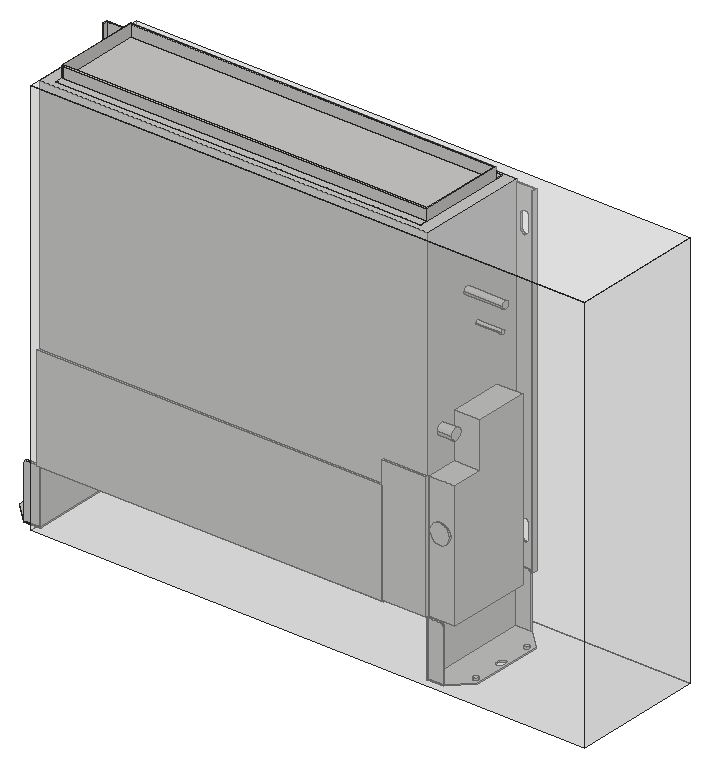
Revit family "outputfile", category 機械設備, Revit 2024
Family settings
  丸型コネクタ寸法 = 半径を使用
  パーツ タイプ = 標準
  OmniClass 番号 = 23.75.10.24.21.27.27
  OmniClass タイトル = Split System Air Conditioning Units
  作業面ベース = いいえ
  常に垂直 = はい
  ロード時にボイドで切り取り = いいえ
  注釈の向きを維持 = いいえ
  共有 = いいえ
  部屋計算ポイント = いいえ
Parameters (values of type "FXNQ25A2VEB")
  Description = ""
  製造元 = "Daikin"
  書き出し IFC クラス(タイプ) = "IfcUnitaryEquipmentType"
  定義済み IFC タイプ(タイプ) = "AIRCONDITIONINGUNIT"
  Cost = 0
  モデル = "FXNQ25A2VEB"
  Type Comments = ""
  Keynote = ""
  Type Image = (empty or 0)
  Assembly Code = ""
  w_hangerfixture = 0.0 mm
  w_dischargeflange = 662.0 mm
  r_Liquid Pipe Size = Liquid Pipe Size / 2  # 3.2 mm
  r_Gas Pipe Size = Gas Pipe Size / 2  # 6.35 mm
  w_mounting foot = 830.0 mm
  r_Drain Pipe Size = Drain Pipe Size / 2  # 10.0 mm
  h_mountinghole = [h***] + 1.6 mm  # 1.6 mm
  lh_liquidpipe = 193.0 mm
  lh_gaspipe = 130.0 mm
  lh_drainpipe = 330.0 mm
  lh_antena = 725.8 mm  # constant formula
  ld_liquidpipe = 90.0 mm
  ld_gaspipe = 114.0 mm
  ld_drainpipe = 171.0 mm
  h*** = 0.0 mm  # constant formula
  w_front suction = 601.0 mm
  d_pipe_2 = 27.3 mm  # constant formula
  d_pipe_1 = 47.6 mm  # constant formula
  d_pipe = 71.2 mm  # constant formula
  Width = 704.8 mm
  Voltage_comment_60Hz = "220"
  Voltage_comment_50Hz = "220-240"
  Voltage_60Hz = 220 V
  Voltage_50Hz = 220 V
  Version = "ver.1.0"
  Unit Type = "Concealed Floor Standing Type"
  Unit Mass Weight = 23.50 kg
  Unit Designation [instance] = ""
  Uniclass2015Version = "Products v1.30"
  Uniclass2015Title = "Variable refrigerant flow units"
  Uniclass2015Code = "Pr_70_65_03_94"
  URL = ""
  Total Heating Capacity [instance] = 0.000 kW
  Total Cooling Capacity [instance] = 0.000 kW
  Sound Pressure Level_M speed (dBA) = 0
  Sound Pressure Level_L speed (dBA) = 27
  Sound Pressure Level_H speed (dBA) = 30
  Series = "VRV Fan Coil Unit"
  Sensible Cooling Capacity [instance] = 0.000 kW
  SA Duct Size Width = 660.0 mm
  SA Duct Size Height = 154.0 mm
  Refrigerant Type = "R410A"
  Power Input (Heating) = 0.068 kW
  Power Input (Cooling) = 0.071 kW
  Phase_60Hz = 1
  Phase_50Hz = 1
  Option Accessory 3 [instance] = ""
  Option Accessory 2 [instance] = ""
  Option Accessory 1 [instance] = ""
  Nominal Heating Capacity = 3.200 kW
  Nominal Cooling Capacity = 2.800 kW
  Minimum External Static Pressure = 0.00 Pa
  Minimum Circuit Amps_60Hz = 0.4 A
  Minimum Circuit Amps_50Hz = 0.4 A
  Minimum Airflow = 384.00 m³/h
  Median Airflow = 432.00 m³/h
  Maximum Fuse Amps_60Hz = 16.0 A
  Maximum Fuse Amps_50Hz = 16.0 A
  Maximum External Static Pressure = 41.00 Pa
  Maximum Airflow = 480.00 m³/h
  Material_Casing = DAIKIN_GalvanizedSteel_Casing_indoorunit
  Load Classification = HVAC
  Liquid Pipe Size = 6.4 mm
  Link_Nested Family [instance] = ""
  IfcVersion = "0"
  IfcExportType = "AIRCONDITIONINGUNIT"
  IfcExportAs = "IfcUnitaryEquipmentType"
  Height = 623.4 mm
  Heating Entering Wet Bulb Temperature [instance] = 0.00 °C
  Heating Entering Dry Bulb Temperature [instance] = 0.00 °C
  Heating Ambient Wet Bulb Temperature [instance] = 0.00 °C
  Heating Ambient Dry Bulb Temperature [instance] = 0.00 °C
  Heat Exchanger Type = "Cross Fin Coil"
  Gas Pipe Size = 12.7 mm
  Frequency_60Hz = 60 Hz
  Frequency_50Hz = 50 Hz
  Fan Type = "Sirocco Fan"
  Fan Drive = "Direct Drive"
  FCU Tag No. [instance] = ""
  Drain Pipe Size = 20.0 mm
  Design Supply Airflow [instance] = 0.00 m³/h
  Design External Static Pressure [instance] = 0.00 Pa
  Depth = 200.0 mm
  既定の高さ = 0.0 mm
  Cooling Entering Wet Bulb Temperature [instance] = 0.00 °C
  Cooling Entering Dry Bulb Temperature [instance] = 0.00 °C
  Cooling Ambient Wet Bulb Temperature [instance] = 0.00 °C
  Cooling Ambient Dry Bulb Temperature [instance] = 0.00 °C
  Clearance visibility [instance] = yes
  Clearance Top = 0.0 mm
  Clearance Right = 300.0 mm
  Clearance Rear = 20.0 mm
  Clearance Left = 0.0 mm
  Clearance Front = 20.0 mm
  Clearance Bottom = 100.0 mm
Reference planes
  plane 1 "Back": y = 0
  plane 2: z = 0
  plane 3 "Center (Left/Right)": x = 0
  plane 4 "Center (Front/Back)": y = -100
  plane 5 "Front": y = -200
  plane 6 "Left": x = -352.4
  plane 7 "Right": x = 352.4
  plane 8 "Top": z = 726.4
  plane 9: z = 103
  plane 10 "lh_liquidpipe": z = 533.4
  plane 11 "ld_liquidpipe": y = -90
  plane 12 "ld_gaspipe": y = -114
  plane 13 "lh_gaspipe": z = 596.4
  plane 14 "lh_drainpipe": z = 396.4
  plane 15 "ld_drainpipe": y = -171
  plane 16: x = 400
  plane 17: x = 423.6
  plane 18: x = -340
  plane 19: x = 261
  plane 20: z = 111.4
  plane 21: z = 290.8
  plane 22 "lw_powersupply": x = 376.2
  plane 23 "ld_powersupply": y = -150
  plane 24: y = -10
  plane 25: y = -190
  plane 26: x = 415
  plane 27: x = -415
  plane 28: x = 379.7
  plane 29: x = -390
  plane 30: x = 390
  plane 31: z = 723
  plane 32: z = 747.6
  plane 33: z = 726.4
  plane 34: z = 3
  plane 35: x = -352.4
  plane 36: x = 652.4
  plane 37: y = -220
  plane 38: y = 20
  plane 39: x = -405
  plane 40: x = 405
  plane 41: y = -97.5
  plane 42 "Bottom": z = 0
Forms (mm)
  Extrusion 1, solid, material "DAIKIN_GalvanizedSteel_Casing_indoorunit" <- "Material_Casing"
    sketch origin (0, 0, 0) x (1, 0, 0) y (0, 1, 0)
      loop
        line (-352.4, 0) -> (-352.4, -200) -> (352.4, -200) -> (352.4, 0) -> (-352.4, 0)
    from 103 to 726.4
  Extrusion 2, solid, material "DAIKIN_GalvanizedSteel_Casing_indoorunit" <- "Material_Casing"
    sketch origin (352.4, 0, 0) x (0, -1, 0) y (0, 0, -1)
      loop
        circle (90, -533.4) r 3.2
    from 0 to 47.6
  Extrusion 3, solid, material "DAIKIN_GalvanizedSteel_Casing_indoorunit" <- "Material_Casing"
    sketch origin (352.4, 0, 0) x (0, -1, 0) y (0, 0, -1)
      loop
        circle (114, -596.4) r 6.35
    from 0 to 71.2
  Extrusion 4, solid, material "DAIKIN_GalvanizedSteel_Casing_indoorunit" <- "Material_Casing"
    sketch origin (0, -200, 0) x (-1, 0, 0) y (0, 0, 1)
      loop
        line (352.4, 290.8) -> (-271.8, 290.8) -> (-271.8, 103) -> (352.4, 103) -> (352.4, 290.8)
    from 0 to -5
  Extrusion 5, solid, material "DAIKIN_GalvanizedSteel_Casing_indoorunit" <- "Material_Casing"
    sketch origin (352.4, 0, 0) x (0, 1, 0) y (0, 0, 1)
      loop
        line (-198.4, 103.6) -> (-46, 103.6) -> (-46, 413.6) -> (-142.2, 413.6) -> (-142.2, 331.6) -> (-198.4, 331.6) -> (-198.4, 103.6)
    from 0 to 47.6
  Extrusion 6, solid, material "DAIKIN_GalvanizedSteel_Casing_indoorunit" <- "Material_Casing"
    sketch origin (0, 0, 103) x (-1, 0, 0) y (0, -1, 0)
      loop
        line (352.4, 0) -> (352.4, 200) -> (-271.8, 200) -> (-271.8, 0) -> (352.4, 0)
    from 0 to -5
  Extrusion 7, solid, material "DAIKIN_GalvanizedSteel_Casing_indoorunit" <- "Material_Casing"
    sketch origin (352.4, 0, 0) x (0, 1, 0) y (0, 0, 1)
      loop
        circle (-171, 396.4) r 10
    from 0 to 27.3
  Extrusion 8, solid, material "DAIKIN_GalvanizedSteel_Casing_indoorunit" <- "Material_Casing"
    sketch origin (0, 0, 103) x (-1, 0, 0) y (0, -1, 0)
      loop
        line (352.4, 0) -> (390, 0) -> (390, 10) -> (387.7, 10) -> (387.7, 2.3) -> (352.4, 2.3) -> (352.4, 0)
    from 0 to 620
  Extrusion 9, solid, material "DAIKIN_GalvanizedSteel_Casing_indoorunit" <- "Material_Casing"
    sketch origin (0, 0, 103) x (1, 0, 0) y (0, 1, 0)
      loop
        line (352.4, 0) -> (352.4, -2.3) -> (387.7, -2.3) -> (387.7, -10) -> (390, -10) -> (390, 0) -> (352.4, 0)
    from 0 to 620
  Extrusion 10, void
    sketch origin (-352.4, -2.3, 103) x (1, 0, 0) y (0, 0, -1)
      loop
        line (-24.6, -547) -> (-24.6, -573)
        arc (-24.6, -573) -> (-17.6, -580) -> (-10.6, -573) r 7
        line (-10.6, -573) -> (-10.6, -547)
        arc (-10.6, -547) -> (-17.6, -540) -> (-24.6, -547) r 7
      loop
        arc (729.4, -547) -> (722.4, -540) -> (715.4, -547) r 7
        line (715.4, -547) -> (715.4, -573)
        arc (715.4, -573) -> (722.4, -580) -> (729.4, -573) r 7
        line (729.4, -573) -> (729.4, -547)
      loop
        line (-24.6, -47) -> (-24.6, -73)
        arc (-24.6, -73) -> (-17.6, -80) -> (-10.6, -73) r 7
        line (-10.6, -73) -> (-10.6, -47)
        arc (-10.6, -47) -> (-17.6, -40) -> (-24.6, -47) r 7
      loop
        arc (729.4, -47) -> (722.4, -40) -> (715.4, -47) r 7
        line (715.4, -47) -> (715.4, -73)
        arc (715.4, -73) -> (722.4, -80) -> (729.4, -73) r 7
        line (729.4, -73) -> (729.4, -47)
    from 0 to 250
  Extrusion 11, solid, material "DAIKIN_GalvanizedSteel_Casing_indoorunit" <- "Material_Casing"
    sketch origin (352.4, -200, 0) x (-1, 0, 0) y (0, 0, -1)
      loop
        line (80.6, -331.6) -> (80.6, -104.6) -> (0, -104.6) -> (0, -331.6) -> (80.6, -331.6)
    from 0 to 5
  Extrusion 12, solid, material "DAIKIN_GalvanizedSteel_Casing_indoorunit" <- "Material_Casing"
    sketch origin (352.4, -198.4, 331.6) x (0, 0, -1) y (1, 0, 0)
      loop
        circle (86.6, 21.8) r 17.5
    from 0 to 2.6
Cuts and joins
  Extrusion 10 cuts Extrusion 8
  Extrusion 10 cuts Extrusion 9
Dimensions and locks
  "Height": plane 8 "Top" to plane 9
  "Depth": plane 1 "Back" to plane 5 "Front"
  equal spacing: plane 5 "Front", plane 4 "Center (Front/Back)", plane 1 "Back"
  "Width": plane 6 "Left" to plane 7 "Right"
  equal spacing: plane 6 "Left", plane 3 "Center (Left/Right)", plane 7 "Right"
  "ld_liquidpipe": plane 11 "ld_liquidpipe" to plane 1 "Back"
  "lh_liquidpipe": plane 8 "Top" to plane 10 "lh_liquidpipe"
  "ld_gaspipe": plane 12 "ld_gaspipe" to plane 1 "Back"
  "lh_gaspipe": plane 8 "Top" to plane 13 "lh_gaspipe"
  "lh_drainpipe": plane 8 "Top" to plane 14 "lh_drainpipe"
  "ld_drainpipe": plane 15 "ld_drainpipe" to plane 1 "Back"
  "d_pipe_1": plane 16 to plane 7 "Right"
  "d_pipe": plane 17 to plane 7 "Right"
  plane 21 to plane 20 to plane 9 = 179.4 mm locked, 8.4 mm locked
  locked: plane 18 to plane 29 at 50
  "w_front suction": plane 19 to plane 18
  locked: Extrusion 5 sketch curve to Extrusion 5 sketch curve at 96.2
  locked: Extrusion 5 sketch curve to Extrusion 5 sketch curve at 310
  locked: Extrusion 5 sketch curve to Extrusion 5 sketch curve at 152.4
  locked: Extrusion 5 sketch curve to Extrusion 5 sketch curve at 228
  locked: Extrusion 5 sketch curve to plane 9 at 0.6
  locked: plane 7 "Right" to plane 22 "lw_powersupply" at 23.8
  locked: plane 23 "ld_powersupply" to plane 5 "Front" at 50
  locked: plane 24 to plane 1 "Back" at 10
  locked: plane 25 to plane 5 "Front" at 10
  equal spacing: plane 26, plane 3 "Center (Left/Right)", plane 27
  "w_mounting foot": plane 26 to plane 27
  locked: Extrusion 5 sketch curve to plane 1 "Back" at 46
  "d_pipe_2": plane 28 to plane 7 "Right"
  locked: plane 30 to plane 7 "Right" at 37.6
  locked: plane 6 "Left" to plane 29 at 37.6
  locked: Extrusion 10 sketch curve to Extrusion 10 sketch curve at 14  (x6)
  locked: Extrusion 10 sketch curve to Extrusion 10 sketch curve at 26  (x6)
  locked: plane 8 "Top" to plane 31 at 3.4
  locked: cut or joined group of Extrusion 8, Extrusion 10 to Extrusion 10 sketch curve at 17.6
  locked: cut or joined group of Extrusion 8, Extrusion 10 to Extrusion 10 sketch curve at 47
  locked: Extrusion 9 to Extrusion 10 sketch curve at 47
  locked: Extrusion 10 sketch curve to Extrusion 1 at 17.6  (x3)
  locked: Extrusion 10 sketch curve to Extrusion 10 sketch curve at 474  (x2)
  locked: plane 32 to plane 8 "Top" at 21.2
  "Clearance Right": plane 36 to plane 7 "Right"
  "Clearance Left": plane 6 "Left" to plane 35
  "Clearance Bottom": plane 9 to plane 34
  "Clearance Top": plane 33 to plane 8 "Top"
  "Clearance Front": plane 5 "Front" to plane 37
  "Clearance Rear": plane 1 "Back" to plane 38
  locked: plane 27 to plane 39 at 10
  locked: plane 40 to plane 26 at 10
  locked: plane 41 to plane 4 "Center (Front/Back)" at 2.5
  "h***": plane 42 "Bottom" to plane 2
  locked: plane 9 to plane 42 "Bottom" at 103
  locked: Extrusion 11 sketch curve to Extrusion 11 sketch curve at 227
  locked: Extrusion 11 sketch curve to Extrusion 11 sketch curve at 80.6
  locked: Extrusion 11 sketch curve to plane 9 at 1.6
  locked: Extrusion 12 sketch curve to plane 9 at 142
  locked: Extrusion 12 sketch curve to plane 7 "Right" at 21.8
  "Liquid Pipe Size": diameter of Extrusion 2 sketch curve
  "Gas Pipe Size": diameter of Extrusion 3 sketch curve
  "Drain Pipe Size": diameter of Extrusion 7 sketch curve
  aligned and locked: level to plane 2
  aligned and locked: plane 1 "Back" to Extrusion 1 sketch curve
  aligned and locked: plane 6 "Left" to Extrusion 1 sketch curve
  aligned and locked: plane 5 "Front" to Extrusion 1 sketch curve
  aligned and locked: Extrusion 1 sketch curve to plane 7 "Right"
  aligned and locked: plane 8 "Top" to Extrusion 1
  aligned and locked: Extrusion 1 to plane 9
  aligned and locked: plane 9 to nested 1
  aligned and locked: nested 1 to plane 4 "Center (Front/Back)"
  aligned and locked: plane 4 "Center (Front/Back)" to nested 2
  aligned and locked: nested 2 to plane 9
  aligned and locked: plane 11 "ld_liquidpipe" to Extrusion 2 sketch curve
  aligned and locked: plane 10 "lh_liquidpipe" to Extrusion 2 sketch curve
  aligned and locked: plane 16 to Extrusion 2
  aligned and locked: plane 13 "lh_gaspipe" to Extrusion 3 sketch curve
  aligned and locked: plane 12 "ld_gaspipe" to Extrusion 3 sketch curve
  aligned and locked: plane 17 to Extrusion 3
  aligned and locked: plane 21 to Extrusion 4 sketch curve
  aligned and locked: plane 5 "Front" to Extrusion 4
  aligned and locked: plane 22 "lw_powersupply" to nested 3
  aligned and locked: plane 23 "ld_powersupply" to nested 3
  aligned and locked: plane 9 to Extrusion 6
  aligned and locked: nested 1 to plane 26
  aligned and locked: nested 2 to plane 27
  aligned and locked: plane 16 to Extrusion 5
  aligned and locked: Extrusion 5 to nested 3
  aligned and locked: plane 14 "lh_drainpipe" to Extrusion 7 sketch curve
  aligned and locked: plane 15 "ld_drainpipe" to Extrusion 7 sketch curve
  aligned and locked: plane 28 to Extrusion 7
  aligned and locked: nested 4 to plane 12 "ld_gaspipe"
  aligned and locked: nested 4 to Extrusion 3
  aligned and locked: nested 5 to Extrusion 2
  aligned and locked: Extrusion 7 to plane 7 "Right"
  aligned and locked: nested 4 to plane 13 "lh_gaspipe"
  aligned and locked: nested 5 to plane 10 "lh_liquidpipe"
  aligned and locked: nested 6 to plane 15 "ld_drainpipe"
  aligned and locked: plane 28 to nested 6
  aligned and locked: nested 6 to plane 14 "lh_drainpipe"
  aligned and locked: Extrusion 8 to plane 9
  aligned and locked: plane 30 to Extrusion 9
  aligned and locked: Extrusion 9 to plane 7 "Right"
  aligned and locked: Extrusion 8 to plane 29
  aligned and locked: Extrusion 9 to plane 9
  aligned and locked: plane 31 to cut or joined group of Extrusion 8, Extrusion 10
  aligned and locked: plane 31 to Extrusion 9
  aligned and locked: plane 8 "Top" to nested 7
  aligned and locked: nested 7 to plane 32
  aligned and locked: plane 3 "Center (Left/Right)" to nested 7
  aligned and locked: nested 8 to plane 38
  aligned and locked: nested 8 to plane 37
  aligned and locked: plane 33 to nested 8
  aligned and locked: plane 34 to nested 8
  aligned and locked: plane 35 to nested 8
  aligned and locked: plane 36 to nested 8
  aligned and locked: nested 9 to plane 4 "Center (Front/Back)"
  aligned and locked: plane 40 to nested 9
  aligned and locked: nested 10 to plane 4 "Center (Front/Back)"
  aligned and locked: plane 39 to nested 10
  aligned and locked: plane 41 to nested 7
  aligned and locked: Extrusion 11 sketch curve to plane 7 "Right"
  aligned and locked: plane 6 "Left" to Extrusion 4 sketch curve
  aligned and locked: plane 9 to Extrusion 4 sketch curve
  aligned and locked: Extrusion 11 to Extrusion 4 sketch curve
  aligned and locked: plane 1 "Back" to Extrusion 6 sketch curve
  aligned and locked: plane 5 "Front" to Extrusion 6 sketch curve
  aligned and locked: Extrusion 6 to plane 6 "Left"
  aligned and locked: Extrusion 6 to Extrusion 11
Automatic sketch dimensions
  Extrusion 1 sketch curve to plane 5 "Front" = 0.0 mm
  plane 1 "Back" to Extrusion 8 sketch curve = 0.0 mm
  Extrusion 8 sketch curve to plane 6 "Left" = 0.0 mm
  plane 24 to Extrusion 8 sketch curve = 0.0 mm
  Extrusion 8 sketch curve to plane 29 = 0.0 mm
  plane 29 to Extrusion 8 sketch curve = 2.3 mm
  plane 1 "Back" to Extrusion 8 sketch curve = 2.3 mm
  plane 1 "Back" to Extrusion 9 sketch curve = 0.0 mm
  Extrusion 9 sketch curve to plane 7 "Right" = 0.0 mm
  plane 24 to Extrusion 9 sketch curve = 0.0 mm
  Extrusion 9 sketch curve to plane 30 = 0.0 mm
  Extrusion 9 sketch curve to plane 30 = 2.3 mm
  plane 1 "Back" to Extrusion 9 sketch curve = 2.3 mm
  plane 27 to Extrusion 6 sketch curve = 62.6 mm
  Extrusion 6 sketch curve to plane 36 = 380.6 mm
  radius of Extrusion 12 sketch curve = 17.5 mm
Nested families
  nested 1: "daikin_hangerfixture_FXNQ-A2VEB" at (415, -100, 103) x (0, -1, 0) z (0, 0, 1), type "daikin_hangerfixture_FXNQ-A2VEB"
  nested 2: "daikin_hangerfixture_FXNQ-A2VEB" at (-415, -100, 103) x (0, -1, 0) z (0, 0, 1), type "daikin_hangerfixture_FXNQ-A2VEB"
  nested 3: "daikin_connector_rotate2" at (376.2, -150, 153.6) x (1, 0, 0) z (0, -1, 0), type "daikin_connector_rotate2"
    with radius 10.0 mm, length 50.0 mm, angle_vertical 90.00°, show_face no
  nested 4: "daikin_connector_rotate2" at (352.45, -114, 596.4) x (0, 1, 0) z (0, 0, 1), radius <- "r_Gas Pipe Size", type "daikin_connector_rotate2"
    with radius 6.35 mm, length 71.15 mm, angle_vertical 90.00°, show_face no
  nested 5: "daikin_connector_rotate2" at (352.4, -90, 533.4) x (0, 1, 0) z (0, 0, 1), radius <- "r_Liquid Pipe Size", type "daikin_connector_rotate2"
    with radius 3.2 mm, length 47.6 mm, angle_vertical 90.00°, show_face no
  nested 6: "daikin_connector_rotate2" at (352.4, -171, 396.4) x (0, 1, 0) z (0, 0, 1), radius <- "r_Drain Pipe Size", type "daikin_connector_rotate2"
    with radius 10.0 mm, length 27.3 mm, angle_vertical 90.00°, show_face no
  nested 7: "daikin_ductflange_FXNQ-A2VEB" at (0, -189, 726.4) x (1, 0, 0) z (0, 1, 0), width <- "w_dischargeflange", material <- "Material_Casing", type "daikin_ductflange_FXNQ-A2VEB"
    with width 662.0 mm, material DAIKIN_GalvanizedSteel_Casing_indoorunit, height 183.0 mm, depth 21.2 mm
  nested 8: "daikin_clearancespace" at (150, -100, 364.819), visible <- "Clearance visibility", show <- "Clearance visibility", Link_Nested Family <- "Link_Nested Family", type "daikin_clearancespace"
    with width 1004.8 mm, show yes, height 723.4 mm, depth 240.0 mm, Link_Nested Family ""
  nested 9: "daikin_mountinghole" at (405, -100, 0), Link_Nested Family <- "Link_Nested Family", h_mountinghole <- "h_mountinghole", l_antenna <- "lh_antena", type "daikin_mountinghole"
    with show yes, l_antenna 725.8 mm, h_mountinghole 1.6 mm, Link_Nested Family ""
  nested 10: "daikin_mountinghole" at (-405, -100, 0), Link_Nested Family <- "Link_Nested Family", h_mountinghole <- "h_mountinghole", l_antenna <- "lh_antena", type "daikin_mountinghole"
    with show yes, l_antenna 725.8 mm, h_mountinghole 1.6 mm, Link_Nested Family ""
Connectors
  electrical at (376.2, -150, 103.6), driven by "Load Classification"
    settings: on nested 3, index 4, voltage 0 V, apparent load 0 VA, apparent load phase1 0 VA, apparent load phase2 0 VA, apparent load phase3 0 VA, power factor 1, load classification "HVAC", number of poles 1, system type 30, power factor state 1, is connector primary yes, connector utility no, sub classification motor no, connector description "Power Supply"
  piping at (423.6, -114, 596.4), diameter 12.7, driven by "r_Gas Pipe Size"
    settings: on nested 4, index 6, connector inside diameter 609.6 mm, connector length 0.0 mm, flow factor 0, pipe flow 0.00 m³/h, pressure drop 0.0 Pa, fitting loss kfactor 0, connector angle 0.00°, fixture units 0, engagement length 0.0 mm, angle of deflection 0.00°, flow configuration 1, flow direction 2, fitting loss method 0, system type 29, joint type 0, gender type 0, connector reference index -1, connector utility 0, adjustable connector no, is connector primary yes, connector description "Refrigerant Gas Piping"
  piping at (400, -90, 533.4), diameter 6.4, driven by "r_Liquid Pipe Size"
    settings: on nested 5, index 7, connector inside diameter 609.6 mm, connector length 0.0 mm, flow factor 0, pipe flow 0.00 m³/h, pressure drop 0.0 Pa, fitting loss kfactor 0, connector angle 0.00°, fixture units 0, engagement length 0.0 mm, angle of deflection 0.00°, flow configuration 1, flow direction 1, fitting loss method 0, system type 29, joint type 0, gender type 0, connector reference index -1, connector utility 0, adjustable connector no, is connector primary no, connector description "Refrigerant Liquid Piping"
  piping at (379.7, -171, 396.4), diameter 20, driven by "r_Drain Pipe Size"
    settings: on nested 6, index 8, connector inside diameter 609.6 mm, connector length 0.0 mm, flow factor 0, pipe flow 0.00 m³/h, pressure drop 0.0 Pa, fitting loss kfactor 0, connector angle 0.00°, fixture units 0, engagement length 0.0 mm, angle of deflection 0.00°, flow configuration 1, flow direction 2, fitting loss method 4, system type 16, joint type 0, gender type 0, connector reference index -1, connector utility 0, adjustable connector no, is connector primary no, connector description "Condensate Drain Piping"
  hvac at (0, -97.5, 747.6), driven by "SA Duct Size Width", driven by "SA Duct Size Height"
    settings: on nested 7, index 9, duct flow 0.00 m³/h, flow factor 0, pres drop 0.00 Pa, loss coef 0, conn angle 0.00°, conn width 660.0 mm, conn height 154.0 mm, conn diameter 609.6 mm, duct sys type 1, conn prof type 1, flow config 0, flow direction 2, loss method 4, conn ref index -1, conn util no, is conn primary yes, conn desc "SA Duct"
Definition of nested family "daikin_hangerfixture_FXNQ-A2VEB"
  Parameters (values of type "daikin_hangerfixture_FXNQ-A2VEB")
    width = 200.0 mm
    material = none
    height = 103.0 mm
    depth = 84.2 mm
    Default Elevation = 0.0 mm
  Reference planes
    plane 1 "Center (Front/Back)": y = 0
    plane 2: z = 0
    plane 3 "Center (Left/Right)": x = 0
    plane 4: y = -84.2
    plane 5: x = -100
    plane 6: x = 100
    plane 7: z = -103
    plane 8: x = 98.4
    plane 9: x = -98.4
  Forms (mm)
    Extrusion 1, solid, material <- "material"
      sketch origin (0, 0, 0) x (0, 1, 0) y (0, 0, 1)
        loop
          line (-84.2, 0) -> (-84.2, -1.6) -> (-65.2, -1.6) -> (-65.2, -101.4)
          arc (-65.2, -101.4) -> (-64.731, -102.531) -> (-63.6, -103) r 1.6
          line (-63.6, -103) -> (0, -103) -> (0, -101.4) -> (-63.6, -101.4) -> (-63.6, 0) -> (-84.2, 0)
      from -100 to 100
    Extrusion 2, void
      sketch origin (0, 0, -101.4) x (1, 0, 0) y (0, -1, 0)
        loop
          line (-100, 0) -> (-66, 0) -> (-100, 34) -> (-100, 0)
        loop
          line (100, 0) -> (100, 34) -> (66, 0) -> (100, 0)
        loop
          line (-3, 4) -> (3, 4)
          arc (3, 4) -> (9, 10) -> (3, 16) r 6
          line (3, 16) -> (-3, 16)
          arc (-3, 16) -> (-9, 10) -> (-3, 4) r 6
      from 0 to 1.6
    Extrusion 3, solid, material <- "material"
      sketch origin (0, 0, 0) x (0, 1, 0) y (0, 0, 1)
        loop
          line (-63.6, -1.8) -> (-63.6, -101.4) -> (-35, -101.4) -> (-35, -6.8)
          arc (-35, -6.8) -> (-36.464, -3.264) -> (-40, -1.8) r 5
          line (-40, -1.8) -> (-63.6, -1.8)
      from 98.4 to 100
    Extrusion 4, solid, material <- "material"
      sketch origin (-265, -1.4, 0) x (0, 1, 0) y (0, 0, 1)
        loop
          line (-62.2, -1.8) -> (-62.2, -101.4) -> (-33.6, -101.4) -> (-33.6, -7.36)
          arc (-33.6, -7.36) -> (-35.228, -3.428) -> (-39.16, -1.8) r 5.56
          line (-39.16, -1.8) -> (-62.2, -1.8)
      from 165 to 166.6
    Extrusion 5, solid, material <- "material"
      sketch origin (0, 0, -101.4) x (0, -1, 0) y (1, 0, 0)
        loop
          circle (10, -57.85) r 4.1
        loop
          circle (10, 57.85) r 4.1
      from 0 to 2.6
    Extrusion 6, solid, material <- "material"
      sketch origin (0, 0, 0) x (1, 0, 0) y (0, 0, 1)
        loop
          line (-63.4, 25.35) -> (-72.9, 25.35)
          arc (-72.9, 25.35) -> (-76.436, 23.886) -> (-77.9, 20.35) r 5
          line (-77.9, 20.35) -> (-77.9, 0) -> (-58.4, 0) -> (-58.4, 20.35)
          arc (-58.4, 20.35) -> (-59.864, 23.886) -> (-63.4, 25.35) r 5
        loop
          circle (-68.15, 15.6) r 6
      from 63.6 to 65.2
  Cuts and joins
    Extrusion 2 cuts Extrusion 1
  Dimensions and locks
    "width": plane 5 to plane 6
    "depth": plane 4 to plane 1 "Center (Front/Back)"
    equal spacing: plane 5, plane 3 "Center (Left/Right)", plane 6
    "height": level to plane 7
    locked: Extrusion 3 sketch curve to Extrusion 3 sketch curve at 99.6
    locked: Extrusion 3 sketch curve to Extrusion 3 sketch curve at 28.6
    locked: plane 8 to plane 6 at 1.6
    locked: plane 5 to plane 9 at 1.6
    locked: Extrusion 4 sketch curve to Extrusion 4 sketch curve at 99.6
    locked: Extrusion 4 sketch curve to Extrusion 4 sketch curve at 28.6
    locked: Extrusion 5 sketch curve to plane 6 at 42.15
    locked: plane 5 to Extrusion 5 sketch curve at 42.15
    locked: Extrusion 5 sketch curve to plane 1 "Center (Front/Back)" at 10  (x2)
    locked: Extrusion 6 sketch curve to Extrusion 6 sketch curve at 25.35
    locked: Extrusion 6 sketch curve to Extrusion 6 sketch curve at 19.5
    locked: Extrusion 6 sketch curve to plane 5 at 22.1
    locked: Extrusion 6 sketch curve to Extrusion 6 sketch curve at 9.75
    radius of Extrusion 3 sketch curve = 5.0 mm
    radius of Extrusion 4 sketch curve = 5.56 mm
    radius of Extrusion 5 sketch curve = 4.1 mm  (x2)
    aligned and locked: level to plane 2
    aligned and locked: Extrusion 1 to plane 5
    aligned and locked: plane 6 to Extrusion 1
    aligned and locked: Extrusion 1 to plane 1 "Center (Front/Back)"
    aligned and locked: Extrusion 1 to plane 4
    aligned and locked: cut or joined group of Extrusion 1, Extrusion 2 to Extrusion 3 sketch curve  (x2)
    aligned and locked: plane 6 to Extrusion 3
    aligned and locked: Extrusion 3 to plane 8
    aligned and locked: Extrusion 4 to plane 5
    aligned and locked: plane 9 to Extrusion 4
    aligned and locked: Extrusion 4 to cut or joined group of Extrusion 1, Extrusion 2
    aligned and locked: level to Extrusion 6 sketch curve
    aligned and locked: cut or joined group of Extrusion 1, Extrusion 2 to Extrusion 6  (x2)
  Automatic sketch dimensions
    Extrusion 1 sketch curve to plane 4 = 0.0 mm
    Extrusion 1 sketch curve to plane 7 = 0.0 mm
    Extrusion 1 sketch curve to plane 1 "Center (Front/Back)" = 0.0 mm
    Extrusion 1 sketch curve to Extrusion 1 sketch curve = 0.0 mm  (x2)
    Extrusion 2 sketch curve to Extrusion 1 = 0.0 mm  (x2)
    Extrusion 1 to Extrusion 2 sketch curve = 0.0 mm  (x2)
    Extrusion 1 to Extrusion 2 sketch curve = 34.0 mm  (x2)
    Extrusion 1 to Extrusion 2 sketch curve = 10.0 mm
    Extrusion 2 sketch curve to Extrusion 2 sketch curve = 63.0 mm
    Extrusion 2 sketch curve to Extrusion 2 sketch curve = 6.0 mm  (x2)
    Extrusion 2 sketch curve to Extrusion 1 = 29.6 mm  (x2)
    Extrusion 4 sketch curve to level = 1.8 mm
    plane 4 to Extrusion 4 sketch curve = 20.6 mm
    Extrusion 6 sketch curve to Extrusion 6 sketch curve = 5.0 mm  (x2)
    Extrusion 6 sketch curve to Extrusion 6 sketch curve = 4.75 mm
    Extrusion 1 sketch curve to level = 1.6 mm
    plane 4 to Extrusion 1 sketch curve = 19.0 mm
    Extrusion 1 sketch curve to Extrusion 1 sketch curve = 1.6 mm
    Extrusion 1 sketch curve to level = 0.0 mm
    radius of Extrusion 6 sketch curve = 6.0 mm
Definition of nested family "daikin_ductflange_FXNQ-A2VEB"
  Parameters (values of type "daikin_ductflange_Exhaust Duct")
    width [instance] = 662.0 mm
    material [instance] = none
    height [instance] = 183.0 mm
    depth [instance] = 21.2 mm
    Default Elevation = 0.0 mm
  Reference planes
    plane 1 "Center (Front/Back)": y = 0
    plane 2: z = 0
    plane 3 "Center (Left/Right)": x = 0
    plane 4: y = -21.2
    plane 5: x = -331
    plane 6: x = 331
    plane 7 "Top": z = 183
    plane 8: y = -1
    plane 9: z = 168.5
    plane 10: z = 14.5
    plane 11 "Center (Elevation)": z = 91.5
    plane 12: x = -330
    plane 13: x = 330
  Forms (mm)
    Extrusion 1, solid, material <- "material"
      sketch origin (0, 0, 0) x (1, 0, 0) y (0, 0, 1)
        loop
          line (-331, 183) -> (-331, 0) -> (331, 0) -> (331, 183) -> (-331, 183)
        loop
          line (-330, 168.5) -> (-330, 14.5) -> (330, 14.5) -> (330, 168.5) -> (-330, 168.5)
      from 0 to 1
    Extrusion 2, solid, material <- "material"
      sketch origin (0, 0, 0) x (1, 0, 0) y (0, 1, 0)
        loop
          line (-331, -1) -> (-331, -21.2) -> (-330, -21.2) -> (-330, -1) -> (-331, -1)
        loop
          line (330, -1) -> (330, -21.2) -> (331, -21.2) -> (331, -1) -> (330, -1)
      from 14.5 to 168.5
    Extrusion 3, solid, material <- "material"
      sketch origin (0, 0, 0) x (0, 1, 0) y (0, 0, 1)
        loop
          line (-1, 168.5) -> (-1, 169.458) -> (-21.2, 169.458) -> (-21.2, 168.5) -> (-1, 168.5)
        loop
          line (-1, 14.5) -> (-21.2, 14.5) -> (-21.2, 13.542) -> (-1, 13.542) -> (-1, 14.5)
      from -331 to 331
  Cuts and joins
    joined: Extrusion 1, Extrusion 2, Extrusion 3
  Dimensions and locks
    "height": plane 7 "Top" to plane 2
    "width": plane 5 to plane 6
    equal spacing: plane 5, plane 3 "Center (Left/Right)", plane 6
    "depth": plane 1 "Center (Front/Back)" to plane 4
    locked: plane 8 to plane 1 "Center (Front/Back)" at 1
    locked: plane 7 "Top" to plane 9 at 14.5
    locked: plane 10 to plane 2 at 14.5
    equal spacing: plane 7 "Top", plane 11 "Center (Elevation)", plane 2
    locked: Extrusion 3 sketch curve to Extrusion 2 at 0.958  (x2)
    locked: plane 7 "Top" to Extrusion 1 sketch curve at 14.5
    locked: Extrusion 1 sketch curve to plane 2 at 14.5
    locked: plane 12 to plane 5 at 1
    locked: plane 6 to plane 13 at 1
    aligned and locked: level to plane 2
    aligned and locked: Extrusion 1 sketch curve to plane 7 "Top"
    aligned and locked: plane 5 to Extrusion 1 sketch curve
    aligned and locked: Extrusion 1 sketch curve to plane 6
    aligned and locked: plane 2 to Extrusion 1 sketch curve
    aligned and locked: Extrusion 1 to plane 8
    aligned and locked: plane 9 to Extrusion 2
    aligned and locked: Extrusion 2 to plane 10
    aligned and locked: plane 8 to Extrusion 3 sketch curve
    aligned and locked: Extrusion 3 sketch curve to plane 9
    aligned and locked: Extrusion 3 sketch curve to plane 8
    aligned and locked: Extrusion 3 sketch curve to plane 10
    aligned and locked: Extrusion 3 to plane 5
    aligned and locked: plane 6 to Extrusion 3
    aligned and locked: plane 4 to Extrusion 3 sketch curve
    aligned and locked: Extrusion 3 sketch curve to plane 4
    aligned and locked: plane 5 to Extrusion 2 sketch curve
    aligned and locked: Extrusion 2 sketch curve to plane 12
    aligned and locked: Extrusion 2 sketch curve to plane 6
    aligned and locked: plane 13 to Extrusion 2 sketch curve
    aligned and locked: Extrusion 2 sketch curve to plane 8
    aligned and locked: plane 4 to Extrusion 2 sketch curve
    aligned and locked: plane 12 to Extrusion 1 sketch curve
    aligned and locked: Extrusion 1 sketch curve to plane 13
  Automatic sketch dimensions
    Extrusion 2 sketch curve to plane 4 = 0.0 mm
    Extrusion 2 sketch curve to plane 8 = 0.0 mm
Definition of nested family "daikin_clearancespace"
  Parameters (values of type "daikin_clearancespace")
    width [instance] = 1823.963 mm
    show [instance] = yes
    material = none
    height [instance] = 1359.762 mm
    depth [instance] = 880.0 mm
    Default Elevation = 0.0 mm
    Link_Nested Family [instance] = ""
  Reference planes
    plane 1 "Center (Front/Back)": y = 0
    plane 2 "Center (Elevation)": z = -0.119
    plane 3 "Center (Left/Right)": x = 0
    plane 4: y = 440
    plane 5: y = -440
    plane 6 "Right": x = 911.982
    plane 7 "Left": x = -911.982
    plane 8 "Top": z = 679.762
    plane 9 "Bottom": z = -680
  Forms (mm)
    Extrusion 1, solid, material <- "material", visible <- "show"
      sketch origin (0, 0, 0) x (1, 0, 0) y (0, 1, 0)
        loop
          line (-911.982, 440) -> (-911.982, -440) -> (911.982, -440) -> (911.982, 440) -> (-911.982, 440)
      from -680 to 679.762
  Lines and regions (mm)
    symbolic lines, visible <- "show"
      curve 1: line (911.982, 440, 0) -> (-911.982, 440, 0)
      curve 2: line (-911.982, 440, 0) -> (-911.982, -440, 0)
      curve 3: line (-911.982, -440, 0) -> (911.982, -440, 0)
      curve 4: line (911.982, -440, 0) -> (911.982, 440, 0)
      curve 5: line (911.982, 0, 679.762) -> (-911.982, 0, 679.762)
      curve 6: line (911.982, 0, -680) -> (911.982, 0, 679.762)
      curve 7: line (-911.982, 0, -680) -> (911.982, 0, -680)
      curve 8: line (-911.982, 0, 679.762) -> (-911.982, 0, -680)
      curve 9: line (0, 440, 679.762) -> (0, -440, 679.762)
      curve 10: line (0, -440, 679.762) -> (0, -440, -680)
      curve 11: line (0, 440, -680) -> (0, 440, 679.762)
      curve 12: line (0, -440, -680) -> (0, 440, -680)
  Dimensions and locks
    "width": plane 7 "Left" to plane 6 "Right"
    "depth": plane 4 to plane 5
    "height": plane 8 "Top" to plane 9 "Bottom"
    equal spacing: plane 7 "Left", plane 3 "Center (Left/Right)", plane 6 "Right"
    equal spacing: plane 4, plane 1 "Center (Front/Back)", plane 5
    equal spacing: plane 8 "Top", plane 2 "Center (Elevation)", plane 9 "Bottom"
    aligned and locked: level to plane 2 "Center (Elevation)"
    aligned and locked: Extrusion 1 sketch curve to plane 4
    aligned and locked: plane 7 "Left" to Extrusion 1 sketch curve
    aligned and locked: Extrusion 1 sketch curve to plane 5
    aligned and locked: Extrusion 1 sketch curve to plane 6 "Right"
    aligned and locked: plane 8 "Top" to Extrusion 1
    aligned and locked: curve 1 to Extrusion 1
    aligned and locked: curve 2 to Extrusion 1
    aligned and locked: curve 3 to Extrusion 1
    aligned and locked: curve 4 to Extrusion 1
    aligned and locked: curve 5 to Extrusion 1
    aligned and locked: curve 6 to Extrusion 1
    aligned and locked: curve 7 to Extrusion 1
    aligned and locked: curve 8 to Extrusion 1
    aligned and locked: curve 9 to Extrusion 1
    aligned and locked: curve 10 to Extrusion 1
    aligned and locked: curve 11 to Extrusion 1
    aligned and locked: curve 12 to Extrusion 1
    aligned and locked: Extrusion 1 to plane 9 "Bottom"
Definition of nested family "daikin_connector_rotate2"
  Parameters (values of type "daikin_connector_rotate2")
    show_face = yes
    radius [instance] = 10.0 mm
    length [instance] = 600.0 mm
    d_surface = 10.0 mm
    angle_vertical [instance] = 90.00°
    Default Elevation = 0.0 mm
  Reference planes
    plane 1 "Center (Front/Back)": y = 0
    plane 2: z = 0
    plane 3 "Center (Left/Right)": x = 0
  Forms (mm)
    Extrusion 1, solid, visible <- "show_face"
      sketch origin (0, -600, 0) x (1, 0, 0) y (0, 0, 1)
        loop
          circle (0, 0) r 10
      from 0 to -10
  Lines and regions (mm)
    reference lines
      curve 1: line (0, 0, 0) -> (0, -600, 0)
    symbolic lines
      curve 2: circle (0, 0, 0) r 5 normal (0, 0, 1)
    model lines, visible <- "show_face"
      curve 3: line (0, 0, 0) -> (0, -600, 0)
  Dimensions and locks
    "length": curve 1 to curve 1
    "length": curve 3 to curve 3
    "d_surface": Extrusion 1 to Extrusion 1
    "radius": radius of Extrusion 1 sketch curve
    "angle_vertical": angle curve 1 to plane 1 "Center (Front/Back)"
    "angle_vertical": angle curve 3 to plane 1 "Center (Front/Back)"
    aligned and locked: level to plane 2
    aligned and locked: plane 1 "Center (Front/Back)" to curve 1
    aligned and locked: plane 2 to curve 1
    aligned and locked: plane 1 "Center (Front/Back)" to curve 2
    aligned and locked: plane 3 "Center (Left/Right)" to curve 2
    aligned and locked: plane 1 "Center (Front/Back)" to curve 3
    aligned and locked: plane 2 to curve 3
    aligned and locked: Extrusion 1 to Extrusion 1
  Automatic sketch dimensions
    Extrusion 1 sketch curve to level = 0.0 mm
    Extrusion 1 sketch curve to plane 3 "Center (Left/Right)" = 0.0 mm
    radius of curve 2 = 5.0 mm
Definition of nested family "daikin_mountinghole"
  Parameters (values of type "daikin_mountinghole")
    Default Elevation = 1219.2 mm
    Type Comments = "mountinghole"
    show [instance] = yes
    material = none
    l_centerline = 100.0 mm
    l_antenna [instance] = 100.0 mm
    h_mountinghole [instance] = 0.0 mm
    d_circle = 30.0 mm
    Link_Nested Family [instance] = ""
  Reference planes
    plane 1 "Center (Front/Back)": y = 0
    plane 2: z = 0
    plane 3 "Center (Left/Right)": x = 0
    plane 4: y = 50
    plane 5: x = -50
    plane 6: x = 50
    plane 7: y = -50
    plane 8 "h_mountinghole": z = 0
    plane 9: z = 100
  Lines and regions (mm)
    model lines, detail levels fine
      curve 1: circle (0, 0, 0) r 15 normal (0, 0, 1)
      curve 2: line (-50, 0, 0) -> (50, 0, 0)
      curve 3: line (0, 50, 0) -> (0, -50, 0)
    symbolic lines, detail levels fine
      curve 4: circle (0, 0, 0) r 15 normal (0, 0, 1)
      curve 5: line (-50, 0, 0) -> (50, 0, 0)
      curve 6: line (0, 50, 0) -> (0, -50, 0)
    model lines
      curve 7: line (0, 0, 100) -> (0, 0, 0)
  Dimensions and locks
    equal spacing: plane 4, plane 1 "Center (Front/Back)", plane 7
    "l_centerline": plane 4 to plane 7
    equal spacing: plane 5, plane 3 "Center (Left/Right)", plane 6
    "l_centerline": plane 5 to plane 6
    "l_antenna": plane 9 to plane 8 "h_mountinghole"
    "h_mountinghole": plane 8 "h_mountinghole" to plane 2
    "d_circle": diameter of curve 1
    "d_circle": diameter of curve 4
    aligned and locked: level to plane 2
    aligned and locked: plane 1 "Center (Front/Back)" to curve 1
    aligned and locked: plane 3 "Center (Left/Right)" to curve 1
    aligned and locked: plane 1 "Center (Front/Back)" to curve 2
    aligned and locked: curve 3 to plane 3 "Center (Left/Right)"
    aligned and locked: plane 6 to curve 2
    aligned and locked: plane 5 to curve 2
    aligned and locked: plane 4 to curve 3
    aligned and locked: plane 7 to curve 3
    aligned and locked: plane 1 "Center (Front/Back)" to curve 4
    aligned and locked: plane 3 "Center (Left/Right)" to curve 4
    aligned and locked: plane 6 to curve 5
    aligned and locked: plane 5 to curve 5
    aligned and locked: plane 1 "Center (Front/Back)" to curve 5
    aligned and locked: plane 4 to curve 6
    aligned and locked: plane 7 to curve 6
    aligned and locked: curve 6 to plane 3 "Center (Left/Right)"
    aligned and locked: curve 7 to plane 3 "Center (Left/Right)"
    aligned and locked: plane 9 to curve 7
    aligned and locked: plane 8 "h_mountinghole" to curve 7
